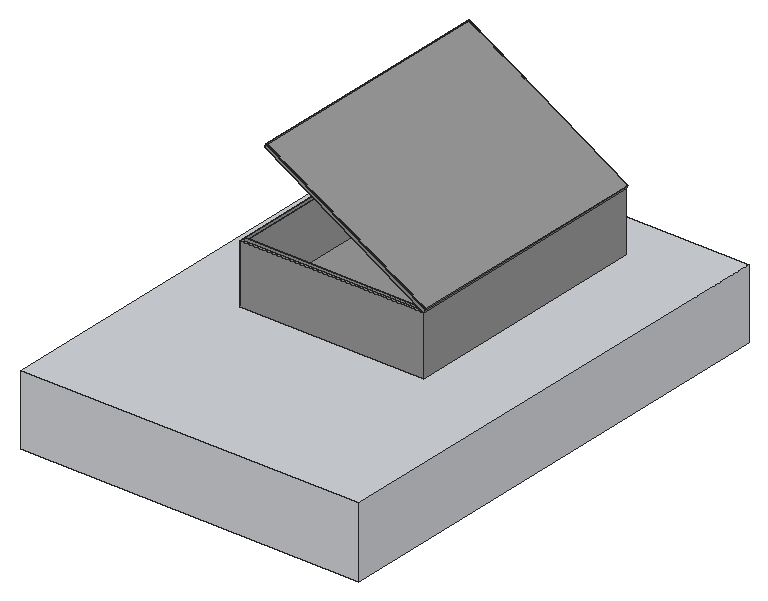
Revit family "Hager-Univers-IP55-D275-H1100-Cl.I-Steel_encl-NL-en", category Equipement électrique, Revit 2020
Family settings
  Hôte = Face
  Configuration du panneau = Deux colonnes, circuits au sein
  Cote de connecteur circulaire = Utiliser le diamètre
  Type d'élément = Tableau de raccordement
  Couper avec des vides une fois chargée = Non
  Partagée = Non
  Point de calcul de pièce = Non
Parameters (values of type "Surface mounted (plaster) IP55 W800 H1100 D275  - FR73E")
  Width Control [instance] = if([EF000008 - Width] > Min Width, [EF000008 - Width], Min Width)  # 800 mm
  Commentaires du type = [HG000003 - Range]  # "Univers"
  Thickness Door [instance] = if([EF009171 - Material plate thickness door/cover] > 3 mm, 3 mm, [EF009171 - Material plate thickness door/cover])  # 1.5 mm
  Seal Frame Offset [instance] = 17 mm  # constant formula
  Plinth Visibility [instance] = [HG000027 - Plinth height] > 0 mm  # no
  Model = ""
  Min Width [instance] = 100 mm  # constant formula
  Min Height [instance] = 100 mm  # constant formula
  Min Depth [instance] = (2 * [EF009170 - Material plate thickness cabinet]) + 1 mm  # 4 mm
  Internal Frame Depth [instance] = (Door System Depth * 0.5)  # 9 mm
  Height Control [instance] = if([EF000040 - Height] > Min Height, [EF000040 - Height], Min Height)  # 1100 mm
  HG000027 - Plinth height = 0 mm
  HG000026 - Floor standing = no
  HG000024 - Bottom section height = 800 mm
  HG000023 - Double section enclosure = no
  HG000016 - Door 3d visibility [instance] = yes
  HG000015 - Clearance visibility [instance] = no
  HG000014 - Door on the right [instance] = yes
  HG000013 - Door on the left [instance] = not([HG000014 - Door on the right])  # no
  HG000012 - Door swing angle [instance] = 30.00°
  HG000010 - Asymmetric doors = no
  HG000009 - Double swing door = no
  HG000006 - Flush mounted = no
  HG000004 - Manufacturer reference = "FR73E"
  HG000003 - Range = "Univers"
  HG000002 - With door or cover = yes
  Frame Offset Bottom [instance] = 10 mm  # constant formula
  Frame Offset [instance] = 15 mm  # constant formula
  EF015940 - Cover with overpressure release = no
  EF011959 - Degree of protection (NEMA) = ""
  EF009554 - Number of openings for flange plates = 6
  EF009212 - Cover model = "EV000116 - Closed"
  EF009171 - Material plate thickness door/cover = 1.5 mm
  EF009170 - Material plate thickness cabinet = 1.5 mm
  Fabricant = "Hager"  # constant formula
  EF008873 - Nominal current (In) = 800 A
  EF007800 - Suitable for lightning protection = no
  EF006306 - With lock = no
  EF006244 - Transparent cover/door = no
  EF005474 - Degree of protection (IP) = "EV006420 - IP55"
  EF004464 - Type of door = "EV002646 - Single"
  EF004427 - Number of modules = 252
  EF004293 - Impact strength = "EV008784 - IK10"
  EF003532 - Suitable for outdoor use = no
  EF002950 - Width in number of modular spacings = 24
  EF001613 - Circuit integrity = "EV000494 - None"
  EF001596 - Material housing = "EV000179 - Steel"
  EF001131 - Internal depth = 275 mm
  EF001088 - Extension possible = yes
  EF000437 - Number of conduit inlets = 6
  EF000339 - Type of cover = "EV004216 - Door"
  EF000266 - Number of rows = 7
  EF000218 - Built-in depth = 0 mm
  EF000118 - With mounting plate = no
  EF000116 - RAL-number = "7035"
  EF000049 - Depth = 275 mm
  EF000040 - Height = 1100 mm
  EF000008 - Width = 800 mm
  EF000007 - Colour = "EV000270 - Grey"
  EF000003 - Mounting method = "EV000384 - Surface mounted (plaster)"
  Door System Leaf Tolerance [instance] = 1.5 mm  # constant formula
  Door System Depth [instance] = 18 mm  # constant formula
  Door Height [instance] = Height Control - [HG000027 - Plinth height]  # 1100 mm
  Depth Control [instance] = if([EF000049 - Depth] > Min Depth, [EF000049 - Depth], Min Depth)  # 275 mm
  Default Elevation = 0 mm
  Connector Offset [instance] = Height Control / 2  # 550 mm
  Bottom Top Plate Trim [instance] = 1.5 mm  # constant formula
  Plinth height Ctrl [instance] = if([HG000027 - Plinth height] > 0 mm, [HG000027 - Plinth height], 12 mm)  # 12 mm
Types (5, lengths in mm): name | Width Control | HG000010 - Asymmetric doors | HG000009 - Double swing door | HG000004 - Manufacturer reference | EF009554 - Number of openings for flange plates | EF004464 - Type of door | EF004427 - Number of modules | EF000437 - Number of conduit inlets | EF000008 - Width
  Surface mounted (plaster) IP55 W1050 H1100 D275  - FR74E | 1050 | no | yes | "FR74E" | 8 | "EV003602 - Double" | 336 | 8 | 1050
  Surface mounted (plaster) IP55 W1300 H1100 D275  - FR75E | 1300 | yes | yes | "FR75E" | 10 | "EV003602 - Double" | 420 | 10 | 1300
  Surface mounted (plaster) IP55 W300 H1100 D275  - FR71E | 300 | no | no | "FR71E" | 2 | "EV002646 - Single" | 84 | 2 | 300
  Surface mounted (plaster) IP55 W550 H1100 D275  - FR72E | 550 | no | no | "FR72E" | 4 | "EV002646 - Single" | 168 | 4 | 550
  Surface mounted (plaster) IP55 W800 H1100 D275  - FR73E | 800 | no | no | "FR73E" | 6 | "EV002646 - Single" | 252 | 6 | 800
Reference planes
  plane 1 "Center (Front/Back)": y = 0
  plane 2: z = 0
  plane 3 "Center (Left/Right)": x = 0
  plane 4: z = 275
  plane 5: y = 1.5
  plane 6: y = 550
  plane 7: y = 0
  plane 8: y = 1100
  plane 9: z = 0
  plane 10: x = -385
  plane 11: x = 385
  plane 12: x = 383.5
  plane 13: x = -383.5
  plane 14: y = 1098.5
  plane 15: x = -383
  plane 16: x = -400
  plane 17: x = 383
  plane 18: x = 400
  plane 19: x = 398.5
  plane 20: x = -398.5
  plane 21: y = 11.5
  plane 22: y = 1100
  plane 23: y = 1083.5
  plane 24: z = 257
  plane 25: z = 1.5
  plane 26: z = 255.5
  plane 27: z = 273.5
Forms (mm)
  Extrusion 1, solid
    sketch origin (0, 0, 0) x (1, 0, 0) y (0, 1, 0)
      loop
        line (-702.964, 1305) -> (-702.964, -811.445) -> (766.763, -811.445) -> (766.763, 1305) -> (-702.964, 1305)
    from 0 to -304.8
  Extrusion 2, solid, material "Hager_Steel_RAL7035_Light_Grey", visible <- "Plinth Visibility", detail levels medium+fine
    sketch origin (0, 0, 0) x (1, 0, 0) y (0, 1, 0)
      loop
        line (-400, 0) -> (400, 0) -> (400, 12) -> (-400, 12) -> (-400, 0)
    from 0 to 257
  Extrusion 3, solid, material "Hager_Steel_RAL7035_Light_Grey", detail levels medium+fine
    sketch origin (0, 0, 0) x (1, 0, 0) y (0, 1, 0)
      loop
        line (-400, 0) -> (400, 0) -> (400, 1100) -> (-400, 1100) -> (-400, 0)
    from 0 to 257
  Extrusion 4, void
    sketch origin (0, 0, 0) x (1, 0, 0) y (0, 1, 0)
      loop
        line (-398.5, 1.5) -> (398.5, 1.5) -> (398.5, 1098.5) -> (-398.5, 1098.5) -> (-398.5, 1.5)
    from 1.5 to 255.5
  Extrusion 5, void
    sketch origin (-381.607, -4572, 257) x (0, -1, 0) y (-1, 0, 0)
      loop
        line (-4583.5, 1.893) -> (-5655.5, 1.893) -> (-5655.5, -765.107) -> (-4583.5, -765.107) -> (-4583.5, 1.893)
    from 0 to 1.5 <- "EF009170 - Material plate thickness cabinet"
  Extrusion 6, solid, material "Hager_Steel_RAL7035_Light_Grey", detail levels fine
    sketch origin (0, 0, 257) x (1, 0, 0) y (0, 1, 0)
      loop
        line (-383.5, 1083.5) -> (-383.5, 11.5) -> (383.5, 11.5) -> (383.5, 1083.5) -> (-383.5, 1083.5)
      loop
        line (-385, 10) -> (385, 10) -> (385, 1085) -> (-385, 1085) -> (-385, 10)
    from 0 to 9 <- "Internal Frame Depth"
  Extrusion 7, solid, material "Hager_Steel_RAL7035_Light_Grey", detail levels coarse
    sketch origin (0, 0, 0) x (1, 0, 0) y (0, 1, 0)
      loop
        line (-400, 0) -> (400, 0) -> (400, 1100) -> (-400, 1100) -> (-400, 0)
    from 0 to 275
  Sweep 8, void
    path in 3D
      loop
        line (-400, 12, 0) -> (400, 12, 0) -> (400, 12, 257) -> (-400, 12, 257) -> (-400, 12, 0)
    profile origin (-400, 12, 128.5) x (-1, 0, 0) y (0, -1, 0)
      loop
        line (0, 0) -> (0, 1.5) -> (-1.5, 1.5)
        arc (-1.5, 1.5) -> (-1.061, 0.439) -> (0, 0) r 1.5
Cuts and joins
  Extrusion 4, Extrusion 5 cuts Extrusion 3
  Sweep 8 cuts Extrusion 2
Lines and regions (mm)
  Masking region 1
    outline origin (0, 0, 0) x (1, 0, 0) y (0, 0, 1)
      loop
        line (-400, 275) -> (-400, 0) -> (400, 0) -> (400, 275) -> (-400, 275)
  Masking region 2, detail levels medium+fine
    outline origin (0, 140, 0) x (0, 1, 0) y (0, 0, 1)
      loop
        line (-140, 0) -> (960, 0) -> (960, 257) -> (-140, 257) -> (-140, 0)
  Masking region 3, not visible, detail levels medium+fine
    outline origin (0, 297.922, 0) x (0, 1, 0) y (0, 0, 1)
      loop
        line (263.578, 0) -> (303.578, 0) -> (303.578, 263.5)
        arc (303.578, 263.5) -> (300.649, 270.571) -> (293.578, 273.5) r 10
        line (293.578, 273.5) -> (263.578, 273.5) -> (263.578, 0)
  Masking region 4, detail levels coarse
    outline origin (0, 0, 180) x (0, 1, 0) y (0, 0, 1)
      loop
        line (0, -180) -> (1100, -180) -> (1100, 95) -> (0, 95) -> (0, -180)
  Masking region 5, visible <- "Plinth Visibility", detail levels medium+fine
    outline origin (0, 52.24, 12.345) x (0, 0, -1) y (0, 1, 0)
      loop
        line (10.845, -40.24) -> (-243.155, -40.24)
        arc (-243.155, -40.24) -> (-243.594, -41.301) -> (-244.655, -41.74) r 1.5
        line (-244.655, -41.74) -> (-244.655, -52.24) -> (12.345, -52.24) -> (12.345, -41.74)
        arc (12.345, -41.74) -> (11.285, -41.301) -> (10.845, -40.24) r 1.5
  Masking region 6, detail levels medium+fine
    outline origin (-381.607, -4572, 257) x (-1, 0, 0) y (0, -1, 0)
      loop
        line (18.393, -5672) -> (18.393, -4572) -> (-781.607, -4572) -> (-781.607, -5672) -> (18.393, -5672)
  Masking region 7, visible <- "Plinth Visibility", detail levels medium+fine
    outline origin (-381.607, -4727, 257) x (-1, 0, 0) y (0, -1, 0)
      loop
        arc (16.893, -4739) -> (17.332, -4737.939) -> (18.393, -4737.5) r 1.5
        line (18.393, -4737.5) -> (18.393, -4727) -> (-781.607, -4727) -> (-781.607, -4737.5)
        arc (-781.607, -4737.5) -> (-780.546, -4737.939) -> (-780.107, -4739) r 1.5
        line (-780.107, -4739) -> (16.893, -4739)
  Masking region 8, detail levels coarse
    outline origin (-442.548, -4669.526, 257) x (-1, 0, 0) y (0, -1, 0)
      loop
        line (-42.548, -5769.526) -> (-42.548, -4669.526) -> (-842.548, -4669.526) -> (-842.548, -5769.526) -> (-42.548, -5769.526)
  sketch lines
    curve 1: line (-400, 12, 257) -> (-400, 12, 0)
    curve 2: line (400, 12, 257) -> (-400, 12, 257)
    curve 3: line (400, 12, 257) -> (400, 12, 0)
    curve 4: line (-400, 12, 0) -> (400, 12, 0)
Dimensions and locks
  "Depth Control": plane 4 to Extrusion 1
  "HG000027 - Plinth height": plane 1 "Center (Front/Back)" to plane 7
  "EF009170 - Material plate thickness cabinet": plane 5 to plane 7
  locked: connector elem to plane 3 "Center (Left/Right)"
  equal spacing: plane 8, plane 6, plane 7
  locked: connector elem to plane 6
  "EF009170 - Material plate thickness cabinet": plane 8 to plane 14
  "EF009170 - Material plate thickness cabinet": plane 10 to plane 13
  "EF009170 - Material plate thickness cabinet": plane 12 to plane 11
  "Frame Offset": plane 20 to plane 13
  "Frame Offset": plane 12 to plane 19
  "EF009170 - Material plate thickness cabinet": plane 16 to plane 20
  "EF009170 - Material plate thickness cabinet": plane 19 to plane 18
  "Seal Frame Offset": plane 16 to plane 15
  "Seal Frame Offset": plane 17 to plane 18
  "Frame Offset Bottom": plane 21 to plane 5
  "Frame Offset": plane 14 to plane 23
  equal spacing: plane 16, plane 3 "Center (Left/Right)", plane 18
  "Width Control": plane 16 to plane 18
  "EF009170 - Material plate thickness cabinet": plane 4 to plane 27
  "EF009170 - Material plate thickness cabinet": plane 24 to plane 26
  "EF009170 - Material plate thickness cabinet": plane 25 to level
  "Door System Depth": plane 4 to plane 24
  "Height Control": plane 1 "Center (Front/Back)" to Extrusion 7 sketch curve
  "Height Control": Masking region 4 sketch curve to plane 1 "Center (Front/Back)"
  "Height Control": plane 1 "Center (Front/Back)" to plane 22
  "Bottom Top Plate Trim": profile plane to Sweep 8 sketch curve
  "Bottom Top Plate Trim": Sweep 8 sketch curve to profile plane
  "Plinth height Ctrl": plane 1 "Center (Front/Back)" to Extrusion 2 sketch curve
  "Plinth height Ctrl": Masking region 5 sketch curve to plane 1 "Center (Front/Back)"
  "Plinth height Ctrl": plane 1 "Center (Front/Back)" to Masking region 7 sketch curve
  "Thickness Door": Extrusion 6 sketch curve to Extrusion 6 sketch curve  (x3)
  "Thickness Door": cut or joined group of Extrusion 3, Extrusion 4, Extrusion 5 to Extrusion 6 sketch curve
  radius of Masking region 3 sketch curve = 10 mm
  "Bottom Top Plate Trim": radius of Masking region 5 sketch curve  (x2)
  "Bottom Top Plate Trim": radius of Sweep 8 sketch curve
  "Bottom Top Plate Trim": radius of Masking region 7 sketch curve  (x2)
  aligned and locked: plane 2 to Extrusion 1
  aligned and locked: level to Extrusion 1
  aligned and locked: level to Masking region 1 sketch curve
  aligned and locked: Masking region 1 sketch curve to plane 18
  aligned and locked: Masking region 1 sketch curve to plane 16
  aligned and locked: plane 7 to Masking region 2 sketch curve
  aligned and locked: level to Masking region 3 sketch curve
  aligned and locked: Masking region 3 sketch curve to plane 27
  aligned and locked: level to Masking region 2 sketch curve
  aligned and locked: plane 1 "Center (Front/Back)" to Extrusion 2 sketch curve
  aligned and locked: Extrusion 3 sketch curve to plane 7
  aligned and locked: plane 16 to Extrusion 3 sketch curve
  aligned and locked: plane 18 to Extrusion 3 sketch curve
  aligned and locked: plane 20 to Extrusion 4 sketch curve
  aligned and locked: plane 19 to Extrusion 4 sketch curve
  aligned and locked: Extrusion 4 sketch curve to plane 5
  aligned and locked: Extrusion 4 to plane 25
  aligned and locked: plane 26 to Extrusion 4
  aligned and locked: plane 24 to Extrusion 3
  aligned and locked: Extrusion 5 sketch curve to plane 21
  aligned and locked: Extrusion 5 sketch curve to plane 13
  aligned and locked: Extrusion 5 sketch curve to plane 12
  aligned and locked: plane 18 to Extrusion 7 sketch curve
  aligned and locked: plane 1 "Center (Front/Back)" to Extrusion 7 sketch curve
  aligned and locked: plane 16 to Extrusion 7 sketch curve
  aligned and locked: plane 4 to Extrusion 7
  aligned and locked: Extrusion 7 to level
  aligned and locked: level to Masking region 4 sketch curve
  aligned and locked: Masking region 4 sketch curve to plane 1 "Center (Front/Back)"
  aligned and locked: Masking region 4 sketch curve to plane 4
  aligned and locked: nested 1 to level
  aligned and locked: nested 1 to plane 16
  aligned and locked: plane 8 to Extrusion 3 sketch curve
  aligned and locked: plane 23 to Extrusion 5 sketch curve
  aligned and locked: plane 14 to Extrusion 4 sketch curve
  aligned and locked: Masking region 2 sketch curve to plane 8
  aligned and locked: level to Masking region 5 sketch curve
  aligned and locked: plane 16 to Extrusion 2 sketch curve
  aligned and locked: plane 18 to Extrusion 2 sketch curve
  aligned and locked: Masking region 5 sketch curve to plane 24
  aligned and locked: Masking region 2 sketch curve to plane 24
  aligned and locked: plane 24 to Extrusion 2
  aligned and locked: profile plane to Sweep 8 sketch curve  (x2)
  aligned and locked: Masking region 6 sketch curve to plane 18
  aligned and locked: Masking region 6 sketch curve to plane 22
  aligned and locked: Masking region 6 sketch curve to plane 16
  aligned and locked: plane 8 to plane 22
  aligned and locked: Masking region 6 sketch curve to plane 7
  aligned and locked: Masking region 7 sketch curve to plane 16
  aligned and locked: Masking region 7 sketch curve to plane 1 "Center (Front/Back)"
  aligned and locked: Masking region 7 sketch curve to plane 18
  aligned and locked: Masking region 8 sketch curve to plane 1 "Center (Front/Back)"
  aligned and locked: Masking region 8 sketch curve to plane 18
  aligned and locked: Masking region 8 sketch curve to plane 22
  aligned and locked: Masking region 8 sketch curve to plane 16
  aligned and locked: nested 2 to plane 7
  aligned and locked: plane 3 "Center (Left/Right)" to nested 2
  aligned and locked: nested 2 to plane 24
  aligned and locked: Extrusion 6 sketch curve to cut or joined group of Extrusion 3, Extrusion 4, Extrusion 5  (x4)
Automatic sketch dimensions
  Extrusion 1 sketch curve to Extrusion 1 sketch curve = 1469.727 mm
  Extrusion 1 sketch curve to Extrusion 1 sketch curve = 2116.445 mm
  Masking region 1 sketch curve to plane 4 = 0 mm
  plane 6 to Masking region 3 sketch curve = 11.5 mm
  Masking region 3 sketch curve to Masking region 3 sketch curve = 30 mm
  Masking region 5 sketch curve to plane 1 "Center (Front/Back)" = 0 mm
Nested families
  nested 1: "Hager_Enclosure_Symbol" at (-400, 0, 0) x (1, 0, 0) z (0, -1, 0), Height <- "Depth Control", Width <- "Width Control", type "Hager_Enclosure_Symbol"
    with Width_Ctrl 800 mm, Width 800 mm, Height_Ctrl 275 mm, Height 275 mm, A_Width_Int 18.047 mm, A_Width 216.562 mm, A_Height_Ctrl 240.625 mm, A_Height 240.625 mm
  nested 2: "EC000058_Univers_Door" at (0, 0, 257) x (1, 0, 0) z (0, 1, 0), Leaf_Tolerance <- "Door System Leaf Tolerance", Angle <- "HG000012 - Door swing angle", Door_Depth <- "Door System Depth", Door_Left <- "HG000013 - Door on the left", Transparent <- "EF006244 - Transparent cover/door", Assymetrical <- "HG000010 - Asymmetric doors", Width <- "Width Control", Clearance <- "HG000015 - Clearance visibility", Double <- "HG000009 - Double swing door", 3d_Door <- "HG000016 - Door 3d visibility", Lock_Visibility <- "EF006306 - With lock", Width_Ctrl <- "Width Control", Door_Right <- "HG000014 - Door on the right", Door <- "HG000002 - With door or cover", Height <- "Door Height", Thickness <- "Thickness Door", type "EC000058_Univers_Door", detail levels medium+fine
    with min_wh 4 mm, Width_Ctrl 800 mm, Width 800 mm, Transparent no, Thickness 1.5 mm, Seal_Material Hager_Rubber, Lock_Visibility no, Lock_Material Hager_Plastic_RAL9005_Jet_Black, Leaf_Width 800 mm, Leaf_Tolerance_External_Sides 0 mm, Leaf_Tolerance 1.5 mm, Leaf_Offset 0 mm, Leaf_Height 1097 mm, Leaf_2_Width 800 mm, Leaf_2_Offset 400 mm, Leaf_1_Width 800 mm, Leaf_1_Offset 400 mm, Height_Ctrl 1100 mm, Height 1100 mm, Glass_Material Hager_Glass, Double_Clearance_Ctrl no, Double no, Door_Right_Ctrl yes, Door_Right yes, Door_Material Hager_Steel_RAL7035_Light_Grey, Door_Left_Ctrl no, Door_Left no, Door_Depth 18 mm, Door yes, Clearance_Material Hager_Clearance, Clearance_Depth 800 mm, Clearance_Ctrl no, Clearance no, Assymetrical no, Angle 30.00°, 3d_Door yes
Connectors
  electrical at (0, 550, 0)
    settings: on plane 9, index 1, voltage 0 V, apparent load 0 VA, apparent load phase1 0 VA, apparent load phase2 0 VA, apparent load phase3 0 VA, power factor 1, load classification "Other", number of poles 1, system type 30, power factor state 1, is connector primary yes, connector utility no, sub classification motor no, connector description ""
Definition of nested family "EC000058_Univers_Door"
  Parameters (values of type "EC000058_Univers_Door")
    min_wh [instance] = (2 * Thickness) + 1 mm  # 11 mm
    Width_Ctrl [instance] = 400 mm
    Width [instance] = 500 mm
    Transparent [instance] = yes
    Thickness [instance] = 5 mm
    Seal_Material [instance] = none
    Lock_Visibility [instance] = yes
    Lock_Material [instance] = none
    Leaf_Width [instance] = if((Width_Ctrl - 2 * Leaf_Tolerance_External_Sides) > 0 mm, (Width_Ctrl - 2 * Leaf_Tolerance_External_Sides), min_wh)  # 400 mm
    Leaf_Tolerance_External_Sides [instance] = 0 mm  # constant formula
    Leaf_Tolerance [instance] = 1.5 mm
    Leaf_Offset [instance] = 0 mm  # constant formula
    Leaf_Height [instance] = if((Height_Ctrl - 2 * Leaf_Tolerance) > 0 mm, (Height_Ctrl - 2 * Leaf_Tolerance), min_wh)  # 497 mm
    Leaf_2_Width [instance] = if(and(and(Double, Assymetrical), Door_Left), (Leaf_Width / 3) - (Leaf_Tolerance / 2), if(and(and(Double, Assymetrical), Door_Right), (Leaf_Width / 3) * 2 - (Leaf_Tolerance / 2), if(and(Double, not(Assymetrical)), (Leaf_Width / 2) - Leaf_Tolerance, Leaf_Width)))  # 400 mm
    Leaf_2_Offset [instance] = if(and(Double, Assymetrical), Leaf_2_Width / 2, if(and(Double, not(Assymetrical)), Leaf_Width / 4, Leaf_Width / 2))  # 200 mm
    Leaf_1_Width [instance] = if(and(and(Double, Assymetrical), Door_Right), (Leaf_Width / 3) - (Leaf_Tolerance / 2), if(and(and(Double, Assymetrical), Door_Left), (Width / 3) * 2 - (Leaf_Tolerance / 2), if(and(Double, not(Assymetrical)), (Leaf_Width / 2) - Leaf_Tolerance, Leaf_Width)))  # 400 mm
    Leaf_1_Offset [instance] = if(and(Double, Assymetrical), Leaf_1_Width / 2, if(and(Double, not(Assymetrical)), Leaf_Width / 4, Leaf_Width / 2))  # 200 mm
    Height_Ctrl [instance] = if(Height > min_wh, Height, min_wh)  # 500 mm
    Height [instance] = 500 mm
    Glass_Material [instance] = none
    Double_Clearance_Ctrl [instance] = and(Double, Clearance)  # no
    Double [instance] = no
    Door_Right_Ctrl [instance] = and(or(Door_Right, Double), Door)  # yes
    Door_Right [instance] = yes
    Door_Material [instance] = none
    Door_Left_Ctrl [instance] = and(or(Door_Left, Double), Door)  # no
    Door_Left [instance] = no
    Door_Depth [instance] = 30 mm
    Door [instance] = yes
    Default Elevation = 1219.2 mm
    Clearance_Material [instance] = none
    Clearance_Depth [instance] = if(Leaf_1_Width > Leaf_2_Width, Leaf_1_Width, Leaf_2_Width)  # 400 mm
    Clearance_Ctrl [instance] = and(not(Double), Clearance)  # yes
    Clearance [instance] = yes
    Assymetrical [instance] = yes
    Angle [instance] = 30.00°
    3d_Door [instance] = yes
  Reference planes
    plane 1 "Center (Front/Back)": y = 0
    plane 2 "Bottom": z = 0
    plane 3 "Center (Left/Right)": x = 0
    plane 4: z = 500
    plane 5: x = -200
    plane 6: x = 200
    plane 7: z = 500
    plane 8: x = -200
    plane 9: z = 0
    plane 10: x = 200
    plane 11: y = 0
    plane 12: z = 1.5
    plane 13: x = -600
    plane 14: y = -400
    plane 15: x = 600
    plane 16: x = 0
    plane 17: x = 0
    plane 18: x = -200
    plane 19: x = 200
    plane 20: z = 498.5
  Forms (mm)
    Extrusion 1, solid, material <- "Clearance_Material", visible <- "Double_Clearance_Ctrl"
      sketch origin (1200, 0, 0) x (1, 0, 0) y (0, 0, -1)
        loop
          line (-1800, -498.5) -> (-600, -498.5) -> (-600, 0) -> (-1800, 0) -> (-1800, -498.5)
      from 0 to -400
  Dimensions and locks
    equal spacing: plane 5, plane 3 "Center (Left/Right)", plane 6
    "Width_Ctrl": plane 5 to plane 6
    "Leaf_Offset": plane 5 to plane 8
    "Leaf_Offset": plane 6 to plane 10
    "Leaf_Offset": plane 9 to level
    "Leaf_Offset": plane 4 to plane 7
    "Height_Ctrl": plane 4 to level
    "Leaf_Tolerance": plane 12 to plane 9
    locked: plane 11 to plane 1 "Center (Front/Back)"
    "Leaf_1_Offset": plane 18 to plane 16
    "Leaf_2_Offset": plane 17 to plane 19
    "Leaf_1_Width": plane 13 to plane 8
    "Leaf_2_Width": plane 10 to plane 15
    "Clearance_Depth": plane 14 to plane 1 "Center (Front/Back)"
    "Leaf_Tolerance_External_Sides": plane 8 to plane 18
    "Leaf_Tolerance_External_Sides": plane 19 to plane 10
    "Leaf_Tolerance": plane 7 to plane 20
    aligned and locked: level to plane 2 "Bottom"
    aligned and locked: nested 1 to plane 16
    aligned and locked: nested 2 to plane 17
    aligned and locked: Extrusion 1 to plane 13
    aligned and locked: plane 15 to Extrusion 1
    aligned and locked: Extrusion 1 to plane 14
    aligned and locked: plane 12 to nested 1
    aligned and locked: nested 2 to plane 12
    aligned and locked: Extrusion 1 to plane 11
    aligned and locked: plane 20 to Extrusion 1
    aligned and locked: nested 2 to plane 11
    aligned and locked: nested 1 to plane 11
  Automatic sketch dimensions
    Extrusion 1 sketch curve to level = 0 mm
    plane 5 to Extrusion 1 sketch curve = 400 mm
    plane 6 to Extrusion 1 sketch curve = 400 mm
    Extrusion 1 sketch curve to plane 4 = 1.5 mm
  Nested families
    nested 1: "EC000058_Univers_Door_Leaf" at (0, 0, 1.5), Width <- "Leaf_1_Width", visible <- "Door_Left_Ctrl", Leaf_Height <- "Leaf_Height", Angle <- "Angle", 3d_Door <- "3d_Door", Transparent <- "Transparent", Clearance Material <- "Clearance_Material", Clearance <- "Clearance_Ctrl", Door_Material <- "Door_Material", Glass_Material <- "Glass_Material", Door_Depth <- "Door_Depth", Lock_Material <- "Lock_Material", Seal_Material <- "Seal_Material", Lock_Visibility <- "Lock_Visibility", Thickness <- "Thickness", type "EC000058_Univers_Door_Leaf"
      with Width 400 mm, Transparent_Glass_Offset 30 mm, Transparent_Ctrl yes, Transparent yes, Thickness 5 mm, Standard no, Seal_Material none, Seal_D2 8 mm, Seal_D1 1 mm, Offset_Internal_Frame 10 mm, Lock_Width 20 mm, Lock_Visibility_3d yes, Lock_Visibility yes, Lock_Thickness_3 3 mm, Lock_Thickness_2 1 mm, Lock_Thickness_1 3 mm, Lock_Radius_Offset_2 16 mm, Lock_Radius_Offset_1 15 mm, Lock_Radius_2 5 mm, Lock_Radius 6 mm, Lock_Offset 5 mm, Lock_Material none, Lock_Height 80 mm, Lock_Cover_Top_Offset_2d 17 mm, Lock_Cover_Height -65 mm, Leaf_Height 497 mm, Internal_Seal_Thickness 8 mm, Internal_Seal_Depth_2 4.5 mm, Internal_Frame_Depth 25 mm, Glass_Thickness -1 mm, Glass_Offset -2 mm, Glass_Material none, Door_Material none, Door_Depth 30 mm, Clearance Material none, Clearance yes, Angle_Ctrl 30.00°, Angle 30.00°, 3d_Door yes
    nested 2: "EC000058_Univers_Door_Leaf" at (0, 0, 1.5) x (-1, 0, 0) z (0, 0, 1), Width <- "Leaf_2_Width", visible <- "Door_Right_Ctrl", Leaf_Height <- "Leaf_Height", Angle <- "Angle", 3d_Door <- "3d_Door", Transparent <- "Transparent", Clearance Material <- "Clearance_Material", Clearance <- "Clearance_Ctrl", Door_Material <- "Door_Material", Glass_Material <- "Glass_Material", Door_Depth <- "Door_Depth", Lock_Material <- "Lock_Material", Seal_Material <- "Seal_Material", Lock_Visibility <- "Lock_Visibility", Thickness <- "Thickness", type "EC000058_Univers_Door_Leaf"
      with Width 400 mm, Transparent_Glass_Offset 30 mm, Transparent_Ctrl yes, Transparent yes, Thickness 5 mm, Standard no, Seal_Material none, Seal_D2 8 mm, Seal_D1 1 mm, Offset_Internal_Frame 10 mm, Lock_Width 20 mm, Lock_Visibility_3d yes, Lock_Visibility yes, Lock_Thickness_3 3 mm, Lock_Thickness_2 1 mm, Lock_Thickness_1 3 mm, Lock_Radius_Offset_2 16 mm, Lock_Radius_Offset_1 15 mm, Lock_Radius_2 5 mm, Lock_Radius 6 mm, Lock_Offset 5 mm, Lock_Material none, Lock_Height 80 mm, Lock_Cover_Top_Offset_2d 17 mm, Lock_Cover_Height -65 mm, Leaf_Height 497 mm, Internal_Seal_Thickness 8 mm, Internal_Seal_Depth_2 4.5 mm, Internal_Frame_Depth 25 mm, Glass_Thickness -1 mm, Glass_Offset -2 mm, Glass_Material none, Door_Material none, Door_Depth 30 mm, Clearance Material none, Clearance yes, Angle_Ctrl 30.00°, Angle 30.00°, 3d_Door yes
  Definition of nested family "EC000058_Univers_Door_Leaf"
    Parameters (values of type "EC000058_Univers_Door_Leaf")
      Width [instance] = 2000 mm
      Transparent_Glass_Offset [instance] = 30 mm
      Transparent_Ctrl [instance] = and(Transparent, [3d_Door])  # yes
      Transparent [instance] = yes
      Thickness [instance] = 5 mm
      Standard [instance] = and(not(Transparent), [3d_Door])  # no
      Seal_Material [instance] = none
      Seal_D2 [instance] = 8 mm  # constant formula
      Seal_D1 [instance] = 1 mm  # constant formula
      Offset_Internal_Frame [instance] = 10 mm  # constant formula
      Lock_Width [instance] = 20 mm  # constant formula
      Lock_Visibility_3d [instance] = and(Lock_Visibility, [3d_Door])  # yes
      Lock_Visibility [instance] = yes
      Lock_Thickness_3 [instance] = 3 mm  # constant formula
      Lock_Thickness_2 [instance] = 1 mm  # constant formula
      Lock_Thickness_1 [instance] = 3 mm  # constant formula
      Lock_Radius_Offset_2 [instance] = Lock_Radius_Offset_1 + 1 mm  # 16 mm
      Lock_Radius_Offset_1 [instance] = 15 mm  # constant formula
      Lock_Radius_2 [instance] = Lock_Radius - 1 mm  # 5 mm
      Lock_Radius [instance] = 6 mm  # constant formula
      Lock_Offset [instance] = 5 mm  # constant formula
      Lock_Material [instance] = none
      Lock_Height [instance] = 80 mm  # constant formula
      Lock_Cover_Top_Offset_2d [instance] = Lock_Radius_Offset_2 + 1 mm  # 17 mm
      Lock_Cover_Height [instance] = -(Lock_Height - Lock_Radius_Offset_1)  # -65 mm
      Leaf_Height [instance] = 2720.336 mm
      Internal_Seal_Thickness [instance] = 8 mm  # constant formula
      Internal_Seal_Depth_2 [instance] = 4.5 mm  # constant formula
      Internal_Frame_Depth [instance] = if(Door_Depth - Thickness > 5 mm, Door_Depth - Thickness, 5 mm)  # 25 mm
      Glass_Thickness [instance] = if(Thickness > 15 mm, Glass_Offset + 10 mm, -1 mm)  # -1 mm
      Glass_Offset [instance] = if(Thickness > 15 mm, -(Thickness + 10 mm) / 2, -2 mm)  # -2 mm
      Glass_Material [instance] = none
      Door_Material [instance] = none
      Door_Depth [instance] = 30 mm
      Default Elevation = 0 mm
      Clearance Material [instance] = none
      Clearance [instance] = yes
      Angle_Ctrl [instance] = if(Angle > 180.00°, 180.00°, Angle)  # 90.00°
      Angle [instance] = 90.00°
      3d_Door [instance] = yes
    Reference planes
      plane 1 "Center (Front/Back)": y = 0
      plane 2: z = 0
      plane 3 "Center (Left/Right)": x = 0
      plane 4: y = 2000
      plane 5: x = -1000
      plane 6: x = 1000
      plane 7: x = -3000
      plane 8: z = 2720.336
      plane 9: z = 30
      plane 10: z = 2690.336
      plane 11: x = 970
      plane 12: x = -970
      plane 13: y = -3
      plane 14: z = 107.833
      plane 15: y = -5
      plane 16: y = -223.314
      plane 17: x = -1000
      plane 18: z = 1360.168
      plane 19: y = 30
    Forms (mm)
      Extrusion 1, solid, material <- "Clearance Material", visible <- "Clearance"
        sketch origin (0, 0, 0) x (1, 0, 0) y (0, 0, 1)
          loop
            line (-3000, 2720.336) -> (-3000, 0) -> (1000, 0) -> (1000, 2720.336) -> (-3000, 2720.336)
        from 0 to -2000
      Extrusion 2, solid, material <- "Door_Material", visible <- "Standard", detail levels medium+fine
        sketch origin (-1000, 0, 0) x (0, 1, 0) y (-1, 0, 0)
          loop
            line (0, 30) -> (0, 25) -> (2000, 25) -> (2000, 30) -> (0, 30)
        from 0 to 2720.336 <- "Leaf_Height"
      Extrusion 3, solid, material <- "Door_Material", visible <- "Transparent_Ctrl", detail levels medium+fine
        sketch origin (-1000, 0, 0) x (0, 1, 0) y (-1, 0, 0)
          loop
            line (0, 25) -> (2000, 25) -> (2000, 30) -> (0, 30) -> (0, 25)
        from 0 to 2720.336 <- "Leaf_Height"
      Extrusion 4, void
        sketch origin (-1025, 2000, 0) x (0, 1, 0) y (0, 0, -1)
          loop
            line (-30, -2690.336) -> (-30, -30) -> (-1970, -30) -> (-1970, -2690.336) -> (-30, -2690.336)
        from 0 to 5 <- "Thickness"
      Sweep 5, solid, material <- "Seal_Material", visible <- "Transparent_Ctrl", detail levels fine
        path in 3D
          loop
            line (-1025, 30, 30) -> (-1025, 30, 2690.336) -> (-1025, 1970, 2690.336) -> (-1025, 1970, 30) -> (-1025, 30, 30)
        profile origin (-1025, 1000, 30) x (1, 0, 0) y (0, 0, 1)
          loop
            line (0, 0) -> (0, -8) -> (1, -8) -> (1, 0) -> (0, 0)
      Extrusion 6, solid, material <- "Glass_Material", visible <- "Transparent_Ctrl", detail levels medium+fine
        sketch origin (-1030, 0, 0) x (0, 1, 0) y (0, 0, -1)
          loop
            line (1970, -2690.336) -> (1970, -30) -> (30, -30) -> (30, -2690.336) -> (1970, -2690.336)
        from -2 <- "Glass_Offset" to -1 <- "Glass_Thickness"
      Extrusion 7, solid, material <- "Door_Material", visible <- "3d_Door", detail levels medium+fine
        sketch origin (-1025, 2000, 0) x (0, -1, 0) y (0, 0, -1)
          loop
            line (0, -2720.336) -> (2000, -2720.336) -> (2000, 0) -> (0, 0) -> (0, -2720.336)
          loop
            line (1995, -5) -> (5, -5) -> (5, -2715.336) -> (1995, -2715.336) -> (1995, -5)
        from 0 to 25 <- "Internal_Frame_Depth"
      Sweep 8, solid, material <- "Seal_Material", visible <- "Transparent_Ctrl", detail levels fine
        path in 3D
          loop
            line (-1025, 0, 0) -> (-1025, 2000, 0) -> (-1025, 2000, 2720.336) -> (-1025, 0, 2720.336) -> (-1025, 0, 0)
        profile origin (-1025, 0, 1360.168) x (1, 0, 0) y (0, 1, 0)
          loop
            line (0, 10) -> (2.975, 10)
            arc (2.975, 10) -> (4.053, 10.447) -> (4.5, 11.525) r 1.525
            line (4.5, 11.525) -> (4.5, 16.527)
            arc (4.5, 16.527) -> (4.069, 17.569) -> (3.027, 18) r 1.473
            line (3.027, 18) -> (0, 18) -> (0, 10)
      Extrusion 9, solid, material <- "Lock_Material", visible <- "Lock_Visibility_3d", detail levels fine
        sketch origin (-1030, 0, 0) x (0, 1, 0) y (0, 0, -1)
          loop
            arc (1993.5, -1400.168) -> (1994.561, -1399.729) -> (1995, -1398.668) r 1.5
            line (1995, -1398.668) -> (1995, -1320.168) -> (1975, -1320.168) -> (1975, -1398.668)
            arc (1975, -1398.668) -> (1975.439, -1399.729) -> (1976.5, -1400.168) r 1.5
            line (1976.5, -1400.168) -> (1993.5, -1400.168)
        from 3 <- "Lock_Thickness_1" to 0
      Blend 10, solid, material <- "Lock_Material", visible <- "Lock_Visibility_3d", detail levels fine
        base sketch origin (-1033, 0, 0) x (0, 1, 0) y (0, 0, -1)
          loop
            line (1975, -1320.168) -> (1975, -1398.668)
            arc (1975, -1398.668) -> (1975.439, -1399.729) -> (1976.5, -1400.168) r 1.5
            line (1976.5, -1400.168) -> (1993.5, -1400.168)
            arc (1993.5, -1400.168) -> (1994.561, -1399.729) -> (1995, -1398.668) r 1.5
            line (1995, -1398.668) -> (1995, -1320.168) -> (1975, -1320.168)
        top sketch origin (-1033, 0, 0) x (0, 1, 0) y (0, 0, -1)
          loop
            line (1976, -1320.168) -> (1976, -1398.668)
            arc (1976, -1398.668) -> (1976.146, -1399.022) -> (1976.5, -1399.168) r 0.5
            line (1976.5, -1399.168) -> (1993.5, -1399.168)
            arc (1993.5, -1399.168) -> (1993.854, -1399.022) -> (1994, -1398.668) r 0.5
            line (1994, -1398.668) -> (1994, -1320.168) -> (1976, -1320.168)
        from 0 to 1 <- "Lock_Thickness_2"
      Blend 11, solid, material <- "Lock_Material", visible <- "Lock_Visibility_3d", detail levels fine
        base sketch origin (-1034, 0, 0) x (0, 1, 0) y (0, 0, -1)
          loop
            line (1978, -1320.168) -> (1978, -1384.168)
            arc (1978, -1384.168) -> (1985, -1391.168) -> (1992, -1384.168) r 7
            line (1992, -1384.168) -> (1992, -1320.168) -> (1978, -1320.168)
        top sketch origin (-1034, 0, 0) x (0, 1, 0) y (0, 0, -1)
          loop
            line (1991, -1320.168) -> (1979, -1320.168) -> (1979, -1383.168)
            arc (1979, -1383.168) -> (1985, -1389.168) -> (1991, -1383.168) r 6
            line (1991, -1383.168) -> (1991, -1320.168)
        from 0 to 3 <- "Lock_Thickness_3"
      Extrusion 12, solid, material <- "Lock_Material", visible <- "Lock_Visibility_3d", detail levels fine
        sketch origin (-1030, 1975, 1320.168) x (1, 0, 0) y (0, -1, 0)
          loop
            line (-7, -19) -> (-7, -1) -> (0, -1) -> (0, 0) -> (-8, 0) -> (-8, -20) -> (0, -20) -> (0, -19) -> (-7, -19)
        from 0 to -65 <- "Lock_Cover_Height"
      Extrusion 13, void
        sketch origin (-1038, 1995, 1320.168) x (-1, 0, 0) y (0, 0, -1)
          loop
            line (-5, -65) -> (0, -65) -> (-5, -60) -> (-5, -65)
        from 0 to 20 <- "Lock_Width"
      Extrusion 14, void
        sketch origin (-1038, 1975, 1320.168) x (0, -1, 0) y (0, 0, -1)
          loop
            circle (-10, -15.995) r 6
          loop
            circle (-10, -15.995) r 5
        from 0 to 2
      Extrusion 15, solid, material <- "Lock_Material", visible <- "Lock_Visibility_3d", detail levels medium
        sketch origin (-1030, 0, 0) x (0, 1, 0) y (0, 0, -1)
          loop
            arc (1993.5, -1400.168) -> (1994.561, -1399.729) -> (1995, -1398.668) r 1.5
            line (1995, -1398.668) -> (1995, -1320.168) -> (1975, -1320.168) -> (1975, -1398.668)
            arc (1975, -1398.668) -> (1975.439, -1399.729) -> (1976.5, -1400.168) r 1.5
            line (1976.5, -1400.168) -> (1993.5, -1400.168)
        from 8 to 0
    Cuts and joins
      Extrusion 4 cuts Extrusion 3
      Extrusion 13, Extrusion 14 cuts Extrusion 9
      Extrusion 14 cuts Blend 11
      Extrusion 13, Extrusion 14 cuts Extrusion 12
      joined: Extrusion 9, Blend 10, Blend 11, Extrusion 12
      Extrusion 14 cuts Extrusion 15
    Lines and regions (mm)
      Masking region 1, visible <- "Lock_Visibility", detail levels fine
        outline origin (0, 0, 0) x (0, 1, 0) y (0, 0, 1)
          loop
            line (30, 1320.168) -> (33, 1320.168) -> (33, 1400.168) -> (30, 1400.168) -> (30, 1320.168)
      Masking region 2, visible <- "Lock_Visibility", detail levels fine
        outline origin (0, 3.143, 0) x (0, 1, 0) y (0, 0, 1)
          loop
            line (29.857, 1354.168) -> (30.857, 1354.168) -> (30.857, 1366.168) -> (29.857, 1366.168) -> (29.857, 1354.168)
      Masking region 3, detail levels medium+fine
        outline origin (0, 0, 0) x (0, 1, 0) y (0, 0, 1)
          loop
            line (0, 0) -> (30, 0) -> (30, 2720.336) -> (0, 2720.336) -> (0, 0)
      Masking region 4, detail levels medium+fine
        outline origin (0, 0, 0) x (1, 0, 0) y (0, 0, 1)
          loop
            line (-1000, 2720.336) -> (-1000, 0) -> (1000, 0) -> (1000, 2720.336) -> (-1000, 2720.336)
      Masking region 5, visible <- "Lock_Visibility", detail levels fine
        outline origin (-47.116, 0, 0) x (1, 0, 0) y (0, 0, 1)
          loop
            arc (1024.616, 1399.168) -> (1023.556, 1398.729) -> (1023.116, 1397.668) r 1.5
            line (1023.116, 1397.668) -> (1023.116, 1320.168) -> (1041.116, 1320.168) -> (1041.116, 1397.668)
            arc (1041.116, 1397.668) -> (1040.677, 1398.729) -> (1039.616, 1399.168) r 1.5
            line (1039.616, 1399.168) -> (1024.616, 1399.168)
      Masking region 6, visible <- "Lock_Visibility", detail levels medium+fine
        outline origin (-25, 0, 0) x (1, 0, 0) y (0, 0, 1)
          loop
            arc (1001.5, 1400.168) -> (1000.439, 1399.729) -> (1000, 1398.668) r 1.5
            line (1000, 1398.668) -> (1000, 1320.168) -> (1020, 1320.168) -> (1020, 1398.668)
            arc (1020, 1398.668) -> (1019.561, 1399.729) -> (1018.5, 1400.168) r 1.5
            line (1018.5, 1400.168) -> (1001.5, 1400.168)
      Masking region 7, visible <- "Lock_Visibility", detail levels fine
        outline origin (-73.735, 0, 0) x (1, 0, 0) y (0, 0, 1)
          loop
            line (1051.735, 1382.168) -> (1065.735, 1382.168) -> (1065.735, 1384.168)
            arc (1065.735, 1384.168) -> (1058.735, 1391.168) -> (1051.735, 1384.168) r 7
            line (1051.735, 1384.168) -> (1051.735, 1382.168)
      Masking region 8, visible <- "Lock_Visibility", detail levels fine
        outline origin (-73.735, 0, 0) x (1, 0, 0) y (0, 0, 1)
          loop
            line (1052.735, 1382.168) -> (1064.735, 1382.168) -> (1064.735, 1383.168)
            arc (1064.735, 1383.168) -> (1058.735, 1389.168) -> (1052.735, 1383.168) r 6
            line (1052.735, 1383.168) -> (1052.735, 1382.168)
      Masking region 9, visible <- "Lock_Visibility", detail levels fine
        outline origin (-25, 0, 0) x (1, 0, 0) y (0, 0, 1)
          loop
            line (1020, 1320.168) -> (1020, 1382.168) -> (1000, 1382.168) -> (1000, 1320.168) -> (1020, 1320.168)
      Masking region 10, detail levels medium+fine
        outline origin (0, 0, 0) x (1, 0, 0) y (0, 0, 1)
          loop
            circle (985, 1335.144) r 6
      Masking region 11, detail levels fine
        outline origin (0, 0, 0) x (1, 0, 0) y (0, 0, 1)
          loop
            circle (985, 1335.144) r 5
      Masking region 12, visible <- "Lock_Visibility", detail levels fine
        outline origin (0, 12.767, 0) x (0, 1, 0) y (0, 0, 1)
          loop
            line (20.233, 1320.168) -> (21.233, 1320.168) -> (21.233, 1399.168) -> (20.233, 1400.168) -> (20.233, 1320.168)
      Masking region 13, visible <- "Lock_Visibility", detail levels fine
        outline origin (0, 13.767, -10) x (0, 1, 0) y (0, 0, 1)
          loop
            line (20.233, 1330.168) -> (23.233, 1330.168) -> (23.233, 1399.168) -> (20.233, 1402.168) -> (20.233, 1330.168)
      Masking region 14, visible <- "Lock_Visibility", detail levels fine
        outline origin (0, 12.767, -10) x (0, 1, 0) y (0, 0, 1)
          loop
            line (20.233, 1330.168) -> (25.233, 1330.168) -> (25.233, 1399.305) -> (20.233, 1394.305) -> (20.233, 1330.168)
      Masking region 15, visible <- "Lock_Visibility", detail levels medium
        outline origin (0, 0, 0) x (0, 1, 0) y (0, 0, 1)
          loop
            line (30, 1320.168) -> (38, 1320.168) -> (38, 1400.168) -> (30, 1400.168) -> (30, 1320.168)
      Masking region 16, visible <- "Lock_Visibility", detail levels fine
        outline origin (-1000, 0, 0) x (0, 1, 0) y (-1, 0, 0)
          loop
            line (1975, 30) -> (1995, 30) -> (1995, 38) -> (1975, 38) -> (1975, 30)
          loop
            line (1979, 37) -> (1976, 37) -> (1976, 34) -> (1978, 34) -> (1979, 37)
          loop
            line (1994, 37) -> (1991, 37) -> (1992, 34) -> (1994, 34) -> (1994, 37)
      Masking region 17, visible <- "Lock_Visibility", detail levels medium
        outline origin (-1000, 0, 0) x (0, 1, 0) y (-1, 0, 0)
          loop
            line (1975, 30) -> (1995, 30) -> (1995, 38) -> (1975, 38) -> (1975, 30)
      symbolic lines
        curve 1: line (1000, 0, 0) -> (-3000, 0, 0)
        curve 2: arc (1000, 0, 0) -> (-1000, 2000, 0) -> (-3000, 0, 0) r 2000
        curve 4: line (-1030, 0, 0) -> (-1030, 2000, 0)
      reference lines
        curve 3: line (-1000, 0, 0) -> (-1000, 2000, 0)
      symbolic lines, detail levels medium+fine
        curve 5: line (-1030, 2000, 0) -> (-1025, 2000, 0)
        curve 7: line (-1025, 0, 0) -> (-1030, 0, 0)
        curve 8: line (-1025, 0, 0) -> (-1000, 0, 0)
        curve 9: line (-1000, 0, 0) -> (-1000, 2000, 0)
        curve 10: line (-1000, 2000, 0) -> (-1025, 2000, 0)
      symbolic lines, detail levels fine
        curve 6: line (-1025, 2000, 0) -> (-1025, 0, 0)
      sketch lines
        curve 11: line (-1025, 0, 2720.336) -> (-1025, 0, 0)
        curve 12: line (-1025, 2000, 0) -> (-1025, 0, 0)
        curve 13: line (-1025, 2000, 2720.336) -> (-1025, 2000, 0)
        curve 14: line (-1025, 0, 2720.336) -> (-1025, 2000, 2720.336)
        curve 15: line (-1025, 1970, 30) -> (-1025, 30, 30)
        curve 16: line (-1025, 30, 30) -> (-1025, 30, 2690.336)
        curve 17: line (-1025, 1970, 2690.336) -> (-1025, 1970, 30)
        curve 18: line (-1025, 30, 2690.336) -> (-1025, 1970, 2690.336)
      symbolic lines, visible <- "Transparent", detail levels medium+fine
        curve 19: line (-970, 0, 2690.336) -> (970, 0, 2690.336)
        curve 20: line (-970, 0, 30) -> (-970, 0, 2690.336)
        curve 21: line (970, 0, 30) -> (-970, 0, 30)
        curve 22: line (970, 0, 2690.336) -> (970, 0, 30)
    Dimensions and locks
      "Width": plane 1 "Center (Front/Back)" to plane 4
      equal spacing: plane 5, plane 3 "Center (Left/Right)", plane 6
      "Width": plane 5 to plane 6
      "Width": plane 7 to plane 5
      "Leaf_Height": plane 8 to level
      "Width": curve 5 to curve 3
      "Width": curve 3 to curve 3
      plane 8 to plane 10 = 30 mm
      plane 9 to level = 30 mm
      plane 12 to plane 5 = 30 mm
      plane 6 to plane 11 = 30 mm
      Extrusion 1 to Extrusion 4 sketch curve = 30 mm
      "Transparent_Glass_Offset": curve 3 to Extrusion 4 sketch curve
      "Transparent_Glass_Offset": Extrusion 4 sketch curve to cut or joined group of Extrusion 3, Extrusion 4  (x2)
      cut or joined group of Extrusion 3, Extrusion 4 to Extrusion 6 sketch curve = 30 mm
      "Transparent_Glass_Offset": cut or joined group of Extrusion 3, Extrusion 4 to Extrusion 4 sketch curve
      "Thickness": curve 6 to curve 4
      "Thickness": Extrusion 7 sketch curve to Extrusion 7 sketch curve  (x4)
      "Door_Depth": curve 4 to curve 3
      "Offset_Internal_Frame": profile plane to Sweep 8 sketch curve
      "Internal_Seal_Thickness": Sweep 8 sketch curve to Sweep 8 sketch curve
      "Internal_Seal_Depth_2": profile plane to Sweep 8 sketch curve
      "Seal_D1": profile plane to Sweep 5 sketch curve
      "Seal_D2": profile plane to Sweep 5 sketch curve
      "Thickness": Extrusion 2 sketch curve to Extrusion 2 sketch curve
      equal spacing: Extrusion 9 sketch curve, plane 18, Extrusion 9 sketch curve  (x2)
      equal spacing: Masking region 1 sketch curve, plane 18, Masking region 1 sketch curve
      "Lock_Height": Masking region 1 sketch curve to Masking region 1 sketch curve
      "Lock_Radius": Masking region 2 sketch curve to plane 18 to Masking region 2 sketch curve
      Masking region 2 sketch curve to Masking region 1 = 1 mm
      "Door_Depth": plane 19 to plane 1 "Center (Front/Back)"
      "Lock_Thickness_1": Masking region 1 sketch curve to plane 19
      "Lock_Width": Extrusion 9 sketch curve to Extrusion 9 sketch curve
      "Lock_Height": Extrusion 9 sketch curve to Extrusion 9 sketch curve
      "Lock_Offset": cut or joined group of Extrusion 3, Extrusion 4 to Extrusion 9 sketch curve
      equal spacing: plane 8, plane 18, level
      "Lock_Radius_Offset_1": Blend 11 sketch curve to Blend 10
      locked: Blend 10 to Blend 11 sketch curve at 2  (x2)
      locked: var sketch to Blend 11 sketch curve at 1  (x2)
      "Lock_Radius_Offset_2": Blend 11 sketch curve to Blend 10
      locked: Extrusion 12 sketch curve to Extrusion 12 sketch curve at 1  (x3)
      Masking region 6 sketch curve to Masking region 6 sketch curve = 80 mm
      "Lock_Height": Masking region 6 sketch curve to Masking region 6 sketch curve
      "Lock_Width": Masking region 6 sketch curve to Masking region 6 sketch curve
      locked: Masking region 6 to Masking region 5 sketch curve at 1  (x3)
      locked: Masking region 5 to Masking region 7 sketch curve at 2  (x2)
      "Lock_Radius_Offset_1": Masking region 5 to Masking region 7 sketch curve
      "Lock_Radius_Offset_2": Masking region 5 to Masking region 8 sketch curve
      locked: Masking region 7 to Masking region 8 sketch curve at 1  (x2)
      "Lock_Cover_Top_Offset_2d": Masking region 5 to Masking region 9 sketch curve
      equal spacing: Masking region 9, Masking region 10 sketch curve, Masking region 9
      equal spacing: Masking region 9, Masking region 11 sketch curve, Masking region 9
      Extrusion 15 sketch curve to Extrusion 15 sketch curve = 80 mm
      "Lock_Width": Extrusion 15 sketch curve to Extrusion 15 sketch curve
      "Lock_Height": Extrusion 15 sketch curve to Extrusion 15 sketch curve
      equal spacing: Extrusion 15 sketch curve, plane 18, Extrusion 15 sketch curve
      "Lock_Thickness_3": Masking region 13 sketch curve to Masking region 13 sketch curve
      "Lock_Height": Masking region 12 sketch curve to Masking region 12 sketch curve
      locked: Masking region 13 sketch curve to Masking region 1 at 8
      locked: Masking region 14 sketch curve to Masking region 13 at 1
      locked: Masking region 14 sketch curve to Masking region 1 at 10.863
      "Lock_Height": Masking region 15 sketch curve to Masking region 15 sketch curve
      "Lock_Offset": Extrusion 15 sketch curve to cut or joined group of Extrusion 3, Extrusion 4
      "Lock_Offset": plane 6 to Masking region 6 sketch curve
      radius of Sweep 8 sketch curve = 1.525 mm
      radius of Sweep 8 sketch curve = 1.473 mm
      radius of Extrusion 9 sketch curve = 1.5 mm  (x2)
      "Lock_Radius": radius of Extrusion 14 sketch curve
      "Lock_Radius_2": radius of Extrusion 14 sketch curve
      "Lock_Radius": radius of Masking region 10 sketch curve
      "Lock_Radius_2": radius of Masking region 11 sketch curve
      radius of Extrusion 15 sketch curve = 1.5 mm  (x2)
      "Angle_Ctrl": angle plane 1 "Center (Front/Back)" to curve 3
      locked: Masking region 12 sketch curve to Masking region 12 sketch curve (angle 45.00°)
      locked: Masking region 13 sketch curve to Masking region 13 sketch curve (angle 45.00°)
      locked: Masking region 14 sketch curve to Masking region 14 sketch curve (angle 45.00°)
      aligned and locked: level to plane 2
      aligned and locked: Extrusion 1 to curve 1
      aligned and locked: plane 6 to Extrusion 1
      aligned and locked: Extrusion 1 to plane 1 "Center (Front/Back)"
      aligned and locked: plane 4 to Extrusion 1
      aligned and locked: plane 8 to Extrusion 1
      aligned and locked: curve 7 to Extrusion 2 sketch curve
      aligned and locked: curve 5 to Extrusion 2 sketch curve
      aligned and locked: curve 7 to Extrusion 3 sketch curve
      aligned and locked: Extrusion 3 sketch curve to curve 4
      aligned and locked: Extrusion 3 sketch curve to curve 6
      aligned and locked: Extrusion 3 sketch curve to curve 5
      aligned and locked: curve 9 to curve 3
      aligned and locked: Extrusion 7 sketch curve to cut or joined group of Extrusion 3, Extrusion 4  (x4)
      aligned and locked: plane 17 to curve 3
      aligned and locked: plane 1 "Center (Front/Back)" to curve 3
      aligned and locked: plane 17 to plane 5
      aligned and locked: Sweep 8 sketch curve to profile plane
      aligned and locked: Sweep 5 sketch curve to profile plane  (x2)
      aligned and locked: Masking region 1 to Masking region 2 sketch curve
      aligned and locked: plane 19 to Masking region 1 sketch curve
      aligned and locked: plane 1 "Center (Front/Back)" to Masking region 3 sketch curve
      aligned and locked: plane 19 to Masking region 3 sketch curve
      aligned and locked: level to Masking region 3 sketch curve
      aligned and locked: Masking region 3 sketch curve to plane 8
      aligned and locked: plane 17 to Masking region 4 sketch curve
      aligned and locked: level to Masking region 4 sketch curve
      aligned and locked: Masking region 4 sketch curve to plane 8
      aligned and locked: plane 12 to curve 20
      aligned and locked: plane 10 to curve 19
      aligned and locked: plane 11 to curve 22
      aligned and locked: curve 21 to plane 9
      aligned and locked: Extrusion 2 sketch curve to cut or joined group of Extrusion 3, Extrusion 4
      aligned and locked: Blend 10 sketch curve to Extrusion 9  (x4)
      aligned and locked: Extrusion 9 to Blend 10 sketch curve
      aligned and locked: Blend 10 to Blend 11 sketch curve
      aligned and locked: Extrusion 12 sketch curve to Blend 11
      aligned and locked: Extrusion 12 sketch curve to Extrusion 9  (x4)
      aligned and locked: Masking region 5 sketch curve to Masking region 6
      aligned and locked: Masking region 9 sketch curve to Masking region 6  (x3)
      aligned and locked: Masking region 12 sketch curve to Masking region 1
      aligned and locked: Masking region 13 sketch curve to Masking region 1
      aligned and locked: Masking region 12 to Masking region 14
      aligned and locked: Masking region 14 sketch curve to Masking region 1
      aligned and locked: Masking region 15 sketch curve to Masking region 14
      aligned and locked: Masking region 13 sketch curve to Masking region 12
      aligned and locked: Masking region 16 sketch curve to cut or joined group of Extrusion 14, Extrusion 15  (x4)
      aligned and locked: Masking region 16 sketch curve to cut or joined group of Extrusion 9, Blend 10, Blend 11, Extrusion 12, Extrusion 13, Extrusion 14  (x6)
      aligned and locked: cut or joined group of Extrusion 9, Blend 10, Blend 11, Extrusion 12, Extrusion 13, Extrusion 14 to Masking region 16 sketch curve
      aligned and locked: Masking region 17 sketch curve to cut or joined group of Extrusion 14, Extrusion 15  (x3)
      aligned and locked: Masking region 17 sketch curve to cut or joined group of Extrusion 9, Blend 10, Blend 11, Extrusion 12, Extrusion 13, Extrusion 14
      aligned and locked: Masking region 9 to Masking region 8 sketch curve
      aligned and locked: Masking region 9 to Masking region 7 sketch curve
    Automatic sketch dimensions
      plane 1 "Center (Front/Back)" to curve 2 = 0 mm
      curve 2 to plane 5 = 0 mm
      Extrusion 1 sketch curve to level = 0 mm
      Extrusion 1 sketch curve to plane 7 = 0 mm
      Extrusion 1 sketch curve to plane 6 = 0 mm
      Extrusion 1 sketch curve to plane 8 = 0 mm
      Extrusion 3 to Extrusion 6 sketch curve = 30 mm  (x4)
      Masking region 4 sketch curve to plane 6 = 0 mm
      Blend 10 sketch curve to Extrusion 9 = 1.5 mm
      Blend 10 sketch curve to Extrusion 9 = 1 mm
      Extrusion 13 sketch curve to Extrusion 12 = 0 mm  (x2)
      Extrusion 12 to Extrusion 13 sketch curve = 3 mm
      Extrusion 13 sketch curve to Extrusion 12 = 5 mm
      Extrusion 14 sketch curve to Extrusion 14 sketch curve = 0 mm  (x2)
      Extrusion 14 sketch curve to Extrusion 12 = 10 mm
      Extrusion 14 sketch curve to Extrusion 12 = 15.995 mm
      Masking region 5 sketch curve to Masking region 5 sketch curve = 1.5 mm  (x2)
      Masking region 10 sketch curve to plane 18 = 25.024 mm
      Masking region 11 sketch curve to plane 18 = 25.024 mm
      plane 19 to Masking region 14 sketch curve = 3 mm
      Masking region 16 sketch curve to Masking region 16 sketch curve = 3 mm
      curve 4 to curve 3 = 0 mm
      Blend 10 to Blend 11 sketch curve = 0 mm
      Masking region 6 sketch curve to Masking region 6 sketch curve = 1.5 mm  (x2)
      Masking region 6 sketch curve to plane 18 = 40 mm
      plane 19 to Masking region 12 sketch curve = 3 mm
      Masking region 12 sketch curve to Masking region 12 sketch curve = 1 mm
      Masking region 15 sketch curve to plane 19 = 0 mm
      Masking region 15 sketch curve to plane 18 = 40 mm
      radius of Blend 10 sketch curve to Extrusion 9 = 1 mm
Definition of nested family "Hager_Enclosure_Symbol"
  Parameters (values of type "Hager_Enclosure_Symbol")
    Width_Ctrl [instance] = if(Width > 1 mm, Width, 1 mm)  # 102.27 mm
    Width [instance] = 102.27 mm
    Height_Ctrl [instance] = if(Height > 1 mm, Height, 1 mm)  # 66.5 mm
    A_Width_Int [instance] = if(A_Width / 12 > 2 mm, A_Width / 12, 2 mm)  # 4.364 mm
    A_Width [instance] = if(A_Height_Ctrl * 0.9 > 2 mm, A_Height_Ctrl * 0.9, 2 mm)  # 52.369 mm
    A_Height_Ctrl [instance] = if(A_Height > 2 mm, A_Height, 2 mm)  # 58.188 mm
    Height [instance] = 66.5 mm
    A_Height [instance] = Height - (Height / 8)  # 58.188 mm
  Reference planes
    plane 1 "Centre (avant/arrière)": y = 0
    plane 2: z = 0
    plane 3 "Centre (gauche/droite)": x = 0
    plane 4: x = 52.369
    plane 5: y = 33.042
    plane 6: y = 41.77
    plane 7: y = 66.5
    plane 8: x = 26.184
    plane 9: y = 37.406
    plane 10: x = 102.27
    plane 11: y = 66.5
    plane 12: y = 8.313
  Lines and regions (mm)
    Filled region 1, type "Solid_Black", in view "Niveau de réf."
      outline origin (0, 0, 0) x (1, 0, 0) y (0, 1, 0)
        loop
          line (52.369, 66.5) -> (33.188, 54.536) -> (45.365, 45.006) -> (52.369, 66.5)
    Filled region 2, type "Solid_Black", in view "Niveau de réf."
      outline origin (0, 0, 0) x (1, 0, 0) y (0, 1, 0)
        loop
          line (0, 0) -> (102.27, 0) -> (102.27, 66.5) -> (0, 0)
    detail lines, in view "Niveau de réf."
      curve 1: line (0, 8.313, 0) -> (26.184, 41.77, 0)
      curve 2: line (26.184, 41.77, 0) -> (26.184, 33.042, 0)
      curve 3: line (26.184, 33.042, 0) -> (52.369, 66.5, 0)
  Dimensions and locks
    "A_Width": plane 3 "Centre (gauche/droite)" to plane 4
    equal spacing: plane 3 "Centre (gauche/droite)", plane 8, plane 4
    equal spacing: plane 6, plane 9, plane 5
    equal spacing: curve 3, Filled region 1 sketch curve, Filled region 1 sketch curve
    "Height_Ctrl": plane 1 "Centre (avant/arrière)" to plane 11
    "A_Height_Ctrl": plane 11 to plane 12
    equal spacing: plane 11, plane 9, plane 12
    "A_Width_Int": plane 6 to plane 9
    "Width_Ctrl": plane 3 "Centre (gauche/droite)" to plane 10
    angle Filled region 1 sketch curve to curve 3 = 20.00°
    angle curve 3 to Filled region 1 sketch curve = 20.00°
    locked: curve 3 to Filled region 1 sketch curve (angle 90.00°)
    aligned and locked: plane 10 to Filled region 2
    aligned and locked: plane 11 to Filled region 2 sketch curve
    aligned and locked: plane 10 to Filled region 2 sketch curve
    aligned and locked: plane 3 "Centre (gauche/droite)" to curve 1
    aligned and locked: plane 12 to curve 1
    aligned and locked: plane 7 to plane 11
  Automatic sketch dimensions
    Filled region 1 sketch curve to plane 4 = 0 mm
    Filled region 1 sketch curve to plane 7 = 0 mm
    plane 1 "Centre (avant/arrière)" to Filled region 2 sketch curve = 0 mm
    Filled region 2 sketch curve to plane 3 "Centre (gauche/droite)" = 0 mm
    curve 2 to plane 6 = 0 mm
    curve 2 to plane 8 = 0 mm
    curve 3 to plane 4 = 0 mm
    curve 2 to plane 5 = 0 mm
    curve 3 to plane 7 = 0 mm
